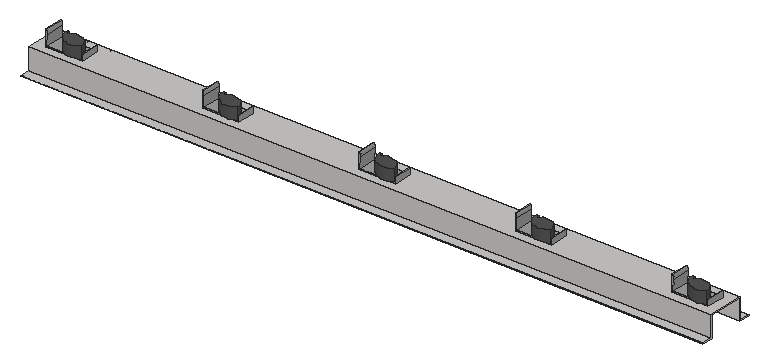
Revit family "Mop_Broom_Holder-Bradley_Corp-Stainless-995x", category Specialty Equipment, host Face, Revit 2012
Parameters (values of type "9955")
  Width = 0"
  Warranty Information = "n/a"
  Version = "2.0"
  URL = "http://www.bradleycorp.com/"
  Technical Data = "n/a"
  Specifications URL = "http://www.bradleycorp.com/3partspec"
  Product Tech Data URL - Spanish = "http://bradleycorp.com/download/530/9160es.pdf"
  Product Tech Data URL - French = ""
  Product Tech Data URL - English = "http://bradleycorp.com/download/529/9160.pdf"
  Percentage of Recycled Content = 0
  OmniClass Title = "Commercial Storage Racking"
  OmniClass Code = "23-21 11 11 15"
  Modeling Code = "n/a"
  Model = "9955"
  Material Note = "n/a"
  MasterFormat Title = "Closet and Utility Shelving"
  MasterFormat Number = "10 57 23"
  Manufacturer = "Bradley Corporation"
  Low Emitting Material = no
  Length = 0"
  LEED Credit = ""
  Installation Type = "Wall Mounted"
  Industry Standards = "n/a"
  Hook Spacing [instance] = if(DIM A = 48", 5, if(DIM A = 36", 4, if(DIM A = 24", 3, 3)))  # 5
  Height = 0"
  Fire Rating = "n/a"
  Description = "Mop-Broom Holder w/5 Holders 48\" W"
  Depth = 0"
  Default Elevation = 48"
  DIM C = 2"
  DIM A = 48"
  Copyright = "This Model is Property of Bradley Corporation"
  Complies to NAFTA = "n/a"
  Buy American Act = "To Be Determined"
  Assembly Code = "C1030300"
  Accessory Material = Metal - Bradley Corp - Stainless Steel-Satin
  ADA Compliant = "No"
Types (4): name | Model | Hook Spacing | Description | DIM A
  (no name) | "9955" | 5 | "Mop-Broom Holder w/5 Holders 48\" W" | 48"
  9955 | "9955" | 5 | "Mop-Broom Holder w/5 Holders 48\" W" | 48"
  9953-BradEX | "9953 BradEX" | 3 | "Mop-Broom Holder w/3 Holders 24\" W" | 24"
  9954-BradEX | "9954 BradEX" | 4 | "Mop-Broom Holder w/4 Holders 36\" W" | 36"
Reference planes (in)
  plane 1 "Center (Front/Back)": y = 0
  plane 2: z = 0
  plane 3 "Center (Left/Right)": x = 0
  plane 4: y = -2
  plane 5: y = 2
  plane 6 "Left End": x = -24
  plane 7 "Right End": x = 24
  plane 8: x = -22
  plane 9: x = 22
  plane 10 "Face of Mounting Bracket": z = 1.5
  plane 11: z = 2.75
Forms (in)
  Extrusion 1, solid, material "Metal - Bradley Corp - Stainless Steel-Satin" <- "Accessory Material"
    sketch origin (24, 0, 0) x (0, 1, 0) y (0, 0, 1)
      loop
        line (-2, 0) -> (-1.25, 0) -> (-1.25, 1.46094) -> (1.25, 1.46094) -> (1.25, 0) -> (2, 0) -> (2, 0.03906) -> (1.28906, 0.03906) -> (1.28906, 1.5) -> (-1.28906, 1.5) -> (-1.28906, 0.03906) -> (-2, 0.03906) -> (-2, 0)
    from -48 to 0
Dimensions and locks (in)
  "DIM A": plane 6 "Left End" to plane 7 "Right End"
  equal spacing: plane 6 "Left End", plane 3 "Center (Left/Right)", plane 7 "Right End"
  "DIM C": plane 6 "Left End" to plane 8
  "DIM C": plane 9 to plane 7 "Right End"
  plane 2 to plane 11 = 2 3/4"
  equal spacing: group 1, group 3, group 4, group 5, group 2  (x3)
  plane 10 "Face of Mounting Bracket" to plane 2 = 1 1/2"
  plane 4 to plane 5 = 4"
  aligned and locked: plane 2 to host face
  aligned and locked: level to host face
  aligned and locked: plane 8 to nested 1
  aligned and locked: Extrusion 1 sketch curve to plane 4
  aligned and locked: Extrusion 1 to plane 6 "Left End"
  aligned and locked: plane 7 "Right End" to Extrusion 1
  aligned and locked: plane 9 to nested 2
  aligned and locked: plane 4 to Extrusion 1
  aligned and locked: plane 1 "Center (Front/Back)" to nested 1
Automatic sketch dimensions
  host sketch curve to host sketch curve = 96"  (x2)
  Extrusion 1 sketch curve to plane 4 = 91/128"
  Extrusion 1 sketch curve to level = 0"  (x2)
  Extrusion 1 sketch curve to plane 5 = 0"
  plane 5 to Extrusion 1 sketch curve = 91/128"
  level to Extrusion 1 sketch curve = 5/128"  (x2)
  Extrusion 1 sketch curve to Extrusion 1 sketch curve = 5/128"  (x2)
  Extrusion 1 sketch curve to plane 10 "Face of Mounting Bracket" = 5/128"
  Extrusion 1 sketch curve to plane 10 "Face of Mounting Bracket" = 0"
Nested families (in)
  nested 1: "Mop_Broom_Holder" at (-22, 0, 1.5), type "Mop_Broom_Holder"
  nested 2: "Mop_Broom_Holder" at (22, 0, 1.5), type "Mop_Broom_Holder"
  nested 3: "Mop_Broom_Holder" at (-11, 0, 1.5), type "Mop_Broom_Holder"
  nested 4: "Mop_Broom_Holder" at (0, 0, 1.5), type "Mop_Broom_Holder"
  nested 5: "Mop_Broom_Holder" at (11, 0, 1.5), type "Mop_Broom_Holder"
Definition of nested family "Mop_Broom_Holder"
  Parameters
    Accessory Material = Metal - Bradley Corp - Steel
  Reference planes (in)
    plane 1 "Center (Front/Back)": y = 0
    plane 2: z = 0
    plane 3 "Center (Left/Right)": x = 0
    plane 4: y = 2.84375
    plane 5: z = 1.125
    plane 6: y = 0.625
    plane 7: y = -4.15625
    plane 8: y = -0.625
    plane 9: x = -1.28125
    plane 10: x = 1.28125
    plane 11 "Face of Hook": through (0, -3.83, 1.21997) normal (0, -0.6126, 0.7904)
    plane 12: z = 0.125
    plane 13: z = 0.915
    plane 14 "Alignment": x = -0.21875
  Forms (in)
    Extrusion 1, solid, material "Metal - Bradley Corp - Steel" <- "Accessory Material", detail levels medium+fine
      sketch origin (0, 0, 0) x (1, 0, 0) y (0, 0, 1)
        loop
          line (-1.28125, 1.125) -> (-1.28125, 0) -> (1.28125, 0) -> (1.28125, 0.4) -> (1.21094, 0.4) -> (1.21094, 0.07031) -> (-1.21094, 0.07031) -> (-1.16757, 0.81483)
          arc (-1.16757, 0.81483) -> (-1.17392, 0.97206) -> (-1.21094, 1.125) r 0.79961
          line (-1.21094, 1.125) -> (-1.28125, 1.125)
      from -0.625 to 0.625
    Extrusion 2, solid, material "Rubber - Bradley Corp - Black", detail levels medium+fine
      sketch origin (0, 0, 0) x (1, 0, 0) y (0, 1, 0)
        loop
          arc (-0.48685, 0.25651) -> (0.07178, -0.74329) -> (1.21094, -0.625) r 1.04116
          arc (1.21094, -0.625) -> (1.05387, -0.19166) -> (0.72511, 0.13141) r 1.04116
          line (0.72511, 0.13141) -> (0.09409, 0.24268)
          arc (0.09409, 0.24268) -> (0.01107, 0.22851) -> (-0.04411, 0.1649) r 0.125
          line (-0.04411, 0.1649) -> (-0.05552, 0.13558)
          arc (-0.05552, 0.13558) -> (-0.24286, 0.0477) -> (-0.33971, 0.23057) r 0.15
          line (-0.33971, 0.23057) -> (-0.48685, 0.25651)
      from 0.125 to 0.915
  Lines and regions (in)
    reference lines
      curve 1: line (-1.16665, 0, 0) -> (-1.16665, 1.5, 0)
      curve 2: line (-0.48696, -0.86, 0) -> (-0.48696, 1.5, 0)
      curve 3: line (-0.48696, -0.86, 0) -> (1.22281, -0.86, 0)
      curve 4: line (-0.71563, 0.255, 0) -> (0.73586, 0.255, 0)
    model lines, detail levels coarse
      curve 5: line (-1.28125, 0.625, 0) -> (1.28125, 0.625, 0)
      curve 6: line (-1.28125, -0.625, 0) -> (-1.28125, 0.625, 0)
      curve 7: line (1.28125, -0.625, 0) -> (1.21094, -0.625, 0)
      curve 8: line (1.28125, 0.625, 0) -> (1.28125, -0.625, 0)
      curve 9: arc (-0.47684, 0.34335, 0) -> (0.03341, -0.72234, 0) -> (1.21094, -0.625, 0) r 1.04116
      curve 10: arc (1.21094, -0.625, 0) -> (1.05387, -0.19166, 0) -> (0.72511, 0.13141, 0) r 1.04116
      curve 11: line (0.72511, 0.13141, 0) -> (-0.47684, 0.34335, 0)
      curve 12: line (-0.10785, -0.625, 0) -> (-1.28125, -0.625, 0)
  Dimensions and locks (in)
    plane 6 to plane 4 = 2 7/32"
    plane 1 "Center (Front/Back)" to plane 4 = 2 27/32"
    plane 5 to plane 2 = 1 1/8"
    plane 7 to plane 4 = 7"
    locked: plane 10 to plane 9 at 2.5625
    plane 10 to plane 3 "Center (Left/Right)" to plane 9 = 1 9/32", 1 9/32"
    plane 8 to plane 6 = 1 1/4"
    plane 9 to plane 10 = 2 9/16"
    aligned and locked: plane 6 to Extrusion 1
    aligned and locked: plane 8 to Extrusion 1
    aligned and locked: Extrusion 1 to plane 9
    aligned and locked: plane 10 to Extrusion 1
    aligned and locked: curve 5 to Extrusion 1  (x2)
    aligned and locked: Extrusion 1 to curve 8
    aligned and locked: curve 8 to Extrusion 1
